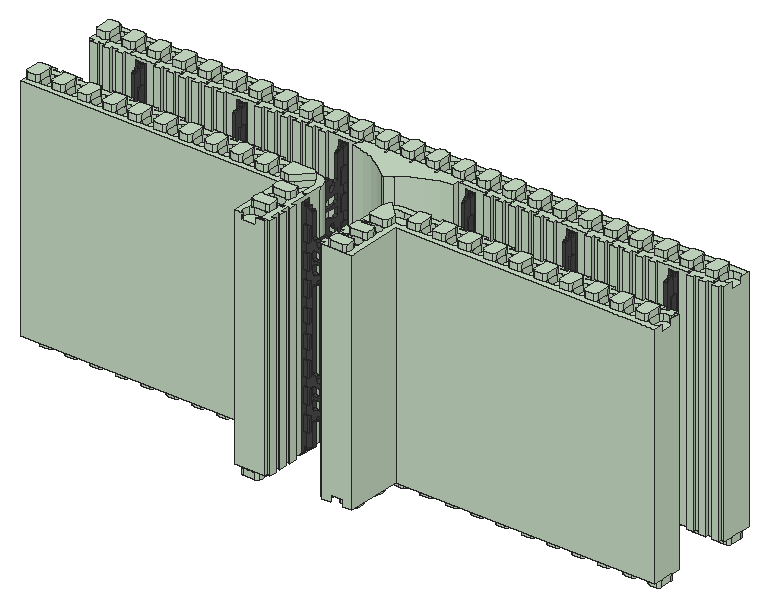
Revit family "ICF- NUDURA 4-inch- Short T Form Unit- Imperial", category Generic Models, Revit 2011
Reference planes (in)
  plane 1 "Center (Front/Back)": y = -1
  plane 2: z = 0
  plane 3 "Center (Left/Right)": x = 0
  plane 4: y = 1
  plane 5: y = -3
  plane 6: x = 2
  plane 7: x = -2
  plane 8: z = 18
Forms (in)
  Extrusion 1, solid, material "NUDURA Expanded Polystyrene Foam Insulation"
    sketch origin (0, 0, 0) x (1, 0, 0) y (0, 1, 0)
      loop
        arc (-2.25, -4.49998) -> (-2.61612, -3.6161) -> (-3.5, -3.24998) r 1.25
        line (-3.5, -3.24998) -> (-6.28117, -3.24998) -> (-6.21883, -2.99998) -> (-6.78117, -2.99998) -> (-6.71883, -3.24998) -> (-7.28117, -3.24998) -> (-7.21883, -2.99998) -> (-7.78117, -2.99998) -> (-7.71883, -3.24998) -> (-8.28117, -3.24998) -> (-8.21883, -2.99998) -> (-8.78117, -2.99998) -> (-8.71883, -3.24998) -> (-9.28117, -3.24998) -> (-9.21883, -2.99998) -> (-9.78117, -2.99998) -> (-9.71883, -3.24998) -> (-10.2818, -3.24998) -> (-10.21947, -2.99998) -> (-10.7818, -2.99998) -> (-10.71947, -3.24998) -> (-11.2818, -3.24998) -> (-11.21947, -2.99998) -> (-11.7818, -2.99998) -> (-11.71947, -3.24998) -> (-14.28116, -3.24998) -> (-14.21883, -2.99998) -> (-14.78116, -2.99998) -> (-14.71883, -3.24998) -> (-15.28116, -3.24998) -> (-15.21883, -2.99998) -> (-15.78116, -2.99998) -> (-15.71883, -3.24998) -> (-16.28116, -3.24998) -> (-16.21883, -2.99998) -> (-16.78116, -2.99998) -> (-16.71883, -3.24998) -> (-17.28179, -3.24998) -> (-17.21946, -2.99998) -> (-17.78179, -2.99998) -> (-17.71946, -3.24998) -> (-18.28179, -3.24998) -> (-18.21946, -2.99998) -> (-18.78179, -2.99998) -> (-18.71946, -3.24998) -> (-19.28179, -3.24998) -> (-19.21946, -2.99998) -> (-19.78179, -2.99998) -> (-19.71946, -3.24998) -> (-22.28115, -3.24998) -> (-22.21882, -2.99998) -> (-22.78115, -2.99998) -> (-22.71882, -3.24998) -> (-23.28115, -3.24998) -> (-23.21882, -2.99998) -> (-23.78115, -2.99998) -> (-23.71882, -3.24998) -> (-24.28115, -3.24998) -> (-24.21882, -2.99998) -> (-24.78115, -2.99998) -> (-24.71882, -3.24998) -> (-25, -3.24998) -> (-25, -5.62244) -> (-4.625, -5.62244) -> (-4.625, -9.99744) -> (-2.25, -9.99744) -> (-2.25, -9.71882) -> (-2, -9.78115) -> (-2, -9.21882) -> (-2.25, -9.28115) -> (-2.25, -8.71882) -> (-2, -8.78115) -> (-2, -8.21882) -> (-2.25, -8.28115) -> (-2.25, -7.71882) -> (-2, -7.78115) -> (-2, -7.21882) -> (-2.25, -7.28115) -> (-2.25, -4.49998)
      loop
        line (4, 0.875) -> (4, 1.25) -> (6.28117, 1.25) -> (6.21883, 1) -> (6.78117, 1) -> (6.71883, 1.25) -> (7.28117, 1.25) -> (7.21883, 1) -> (7.78117, 1) -> (7.71883, 1.25) -> (8.28117, 1.25) -> (8.21883, 1) -> (8.78117, 1) -> (8.71883, 1.25) -> (9.28053, 1.25) -> (9.2182, 1) -> (9.78053, 1) -> (9.7182, 1.25) -> (10.28053, 1.25) -> (10.2182, 1) -> (10.78053, 1) -> (10.7182, 1.25) -> (11.28053, 1.25) -> (11.2182, 1) -> (11.78053, 1) -> (11.7182, 1.25) -> (14.28116, 1.25) -> (14.21883, 1) -> (14.78116, 1) -> (14.71883, 1.25) -> (15.28116, 1.25) -> (15.21883, 1) -> (15.78116, 1) -> (15.71883, 1.25) -> (16.28116, 1.25) -> (16.21883, 1) -> (16.78116, 1) -> (16.71883, 1.25) -> (17.28053, 1.25) -> (17.21819, 1) -> (17.78053, 1) -> (17.71819, 1.25) -> (18.28053, 1.25) -> (18.21819, 1) -> (18.78053, 1) -> (18.71819, 1.25) -> (19.28053, 1.25) -> (19.21819, 1) -> (19.78053, 1) -> (19.71819, 1.25) -> (22.28115, 1.25) -> (22.21882, 1) -> (22.78115, 1) -> (22.71882, 1.25) -> (23.28115, 1.25) -> (23.21882, 1) -> (23.78115, 1) -> (23.71882, 1.25) -> (24.28115, 1.25) -> (24.21882, 1) -> (24.78115, 1) -> (24.71882, 1.25) -> (25, 1.25) -> (25, 3.62754) -> (-25, 3.62754) -> (-25, 1.25) -> (-24.71882, 1.25) -> (-24.78115, 1) -> (-24.21882, 1) -> (-24.28115, 1.25) -> (-23.71882, 1.25) -> (-23.78115, 1) -> (-23.21882, 1) -> (-23.28115, 1.25) -> (-22.71882, 1.25) -> (-22.78115, 1) -> (-22.21882, 1) -> (-22.28115, 1.25) -> (-19.71819, 1.25) -> (-19.78053, 1) -> (-19.21819, 1) -> (-19.28053, 1.25) -> (-18.71819, 1.25) -> (-18.78053, 1) -> (-18.21819, 1) -> (-18.28053, 1.25) -> (-17.71819, 1.25) -> (-17.78053, 1) -> (-17.21819, 1) -> (-17.28053, 1.25) -> (-16.71883, 1.25) -> (-16.78116, 1) -> (-16.21883, 1) -> (-16.28116, 1.25) -> (-15.71883, 1.25) -> (-15.78116, 1) -> (-15.21883, 1) -> (-15.28116, 1.25) -> (-14.71883, 1.25) -> (-14.78116, 1) -> (-14.21883, 1) -> (-14.28116, 1.25) -> (-11.7182, 1.25) -> (-11.78053, 1) -> (-11.2182, 1) -> (-11.28053, 1.25) -> (-10.7182, 1.25) -> (-10.78053, 1) -> (-10.2182, 1) -> (-10.28053, 1.25) -> (-9.7182, 1.25) -> (-9.78053, 1) -> (-9.2182, 1) -> (-9.28053, 1.25) -> (-8.71883, 1.25) -> (-8.78117, 1) -> (-8.21883, 1) -> (-8.28117, 1.25) -> (-7.71883, 1.25) -> (-7.78117, 1) -> (-7.21883, 1) -> (-7.28117, 1.25) -> (-6.71883, 1.25) -> (-6.78117, 1) -> (-6.21883, 1) -> (-6.28117, 1.25) -> (-4, 1.25) -> (-4, 0.875)
        arc (-4, 0.875) -> (-2.12304, 0.37468) -> (-0.50918, -0.70642) r 5.91797
        arc (-0.50918, -0.70642) -> (-0.26811, -0.90043) -> (0, -1.05493) r 2
        arc (0, -1.05493) -> (0.26811, -0.90043) -> (0.50918, -0.70642) r 2
        arc (0.50918, -0.70642) -> (2.12304, 0.37468) -> (4, 0.875) r 5.91797
      loop
        line (2.25, -4.49998) -> (2.25, -7.28115) -> (2, -7.21882) -> (2, -7.78115) -> (2.25, -7.71882) -> (2.25, -8.28115) -> (2, -8.21882) -> (2, -8.78115) -> (2.25, -8.71882) -> (2.25, -9.28115) -> (2, -9.21882) -> (2, -9.78115) -> (2.25, -9.71882) -> (2.25, -9.99998) -> (4.625, -9.99998) -> (4.625, -5.62244) -> (25, -5.62244) -> (25, -3.24998) -> (24.71882, -3.24998) -> (24.78115, -2.99998) -> (24.21882, -2.99998) -> (24.28115, -3.24998) -> (23.71882, -3.24998) -> (23.78115, -2.99998) -> (23.21882, -2.99998) -> (23.28115, -3.24998) -> (22.71882, -3.24998) -> (22.78115, -2.99998) -> (22.21882, -2.99998) -> (22.28115, -3.24998) -> (19.71946, -3.24998) -> (19.78179, -2.99998) -> (19.21946, -2.99998) -> (19.28179, -3.24998) -> (18.71946, -3.24998) -> (18.78179, -2.99998) -> (18.21946, -2.99998) -> (18.28179, -3.24998) -> (17.71946, -3.24998) -> (17.78179, -2.99998) -> (17.21946, -2.99998) -> (17.28179, -3.24998) -> (16.71883, -3.24998) -> (16.78116, -2.99998) -> (16.21883, -2.99998) -> (16.28116, -3.24998) -> (15.71883, -3.24998) -> (15.78116, -2.99998) -> (15.21883, -2.99998) -> (15.28116, -3.24998) -> (14.71883, -3.24998) -> (14.78116, -2.99998) -> (14.21883, -2.99998) -> (14.28116, -3.24998) -> (11.71947, -3.24998) -> (11.7818, -2.99998) -> (11.21947, -2.99998) -> (11.2818, -3.24998) -> (10.71947, -3.24998) -> (10.7818, -2.99998) -> (10.21947, -2.99998) -> (10.2818, -3.24998) -> (9.71947, -3.24998) -> (9.7818, -2.99998) -> (9.21947, -2.99998) -> (9.2818, -3.24998) -> (8.71883, -3.24998) -> (8.78117, -2.99998) -> (8.21883, -2.99998) -> (8.28117, -3.24998) -> (7.71883, -3.24998) -> (7.78117, -2.99998) -> (7.21883, -2.99998) -> (7.28117, -3.24998) -> (6.71883, -3.24998) -> (6.78117, -2.99998) -> (6.21883, -2.99998) -> (6.28117, -3.24998) -> (3.5, -3.24998)
        arc (3.5, -3.24998) -> (2.61612, -3.6161) -> (2.25, -4.49998) r 1.25
    from 0 to 18
  Extrusion 2, void
    sketch origin (1, 16, 0) x (1, 0, 0) y (0, 1, 0)
      loop
        arc (-5.13595, -25.17306) -> (-5.1875, -25.49998) -> (-5.13595, -25.8269) r 1.0625
        arc (-5.13595, -25.8269) -> (-5.0592, -25.94114) -> (-4.93362, -25.99744) r 0.25
        line (-4.93362, -25.99744) -> (-3.94138, -25.99744)
        arc (-3.94138, -25.99744) -> (-3.86932, -25.97564) -> (-3.80702, -25.93338) r 0.25
        arc (-3.80702, -25.93338) -> (-3.78736, -25.92104) -> (-3.76455, -25.91673) r 0.0625
        line (-3.76455, -25.91673) -> (-3.41845, -25.91673) -> (-3.41845, -25.7459) -> (-3.64005, -25.7459)
        arc (-3.64005, -25.7459) -> (-3.68771, -25.72383) -> (-3.70172, -25.67321) r 0.0625
        arc (-3.70172, -25.67321) -> (-3.69045, -25.4209) -> (-3.73905, -25.17306) r 1.0625
        arc (-3.73905, -25.17306) -> (-3.82983, -25.04783) -> (-3.97692, -24.99998) r 0.25
        line (-3.97692, -24.99998) -> (-4.89808, -24.99998)
        arc (-4.89808, -24.99998) -> (-5.04517, -25.04783) -> (-5.13595, -25.17306) r 0.25
    from 18 to 17.5
  Extrusion 3, void
    sketch origin (1, 18, 0) x (1, 0, 0) y (0, 1, 0)
      loop
        arc (-5.13595, -25.17306) -> (-5.1875, -25.49998) -> (-5.13595, -25.8269) r 1.0625
        arc (-5.13595, -25.8269) -> (-5.04517, -25.95213) -> (-4.89808, -25.99998) r 0.25
        line (-4.89808, -25.99998) -> (-3.97692, -25.99998)
        arc (-3.97692, -25.99998) -> (-3.88568, -25.98274) -> (-3.80702, -25.93338) r 0.25
        arc (-3.80702, -25.93338) -> (-3.78736, -25.92104) -> (-3.76455, -25.91673) r 0.0625
        line (-3.76455, -25.91673) -> (-3.41845, -25.91673) -> (-3.41845, -25.7459) -> (-3.64005, -25.7459)
        arc (-3.64005, -25.7459) -> (-3.68771, -25.72383) -> (-3.70172, -25.67321) r 0.0625
        arc (-3.70172, -25.67321) -> (-3.69045, -25.4209) -> (-3.73905, -25.17306) r 1.0625
        arc (-3.73905, -25.17306) -> (-3.82983, -25.04783) -> (-3.97692, -24.99998) r 0.25
        line (-3.97692, -24.99998) -> (-4.89808, -24.99998)
        arc (-4.89808, -24.99998) -> (-5.04517, -25.04783) -> (-5.13595, -25.17306) r 0.25
    from 18 to 17.5
  Extrusion 4, void
    sketch origin (1, 0, 0) x (1, 0, 0) y (0, 1, 0)
      loop
        line (-5.1875, -5.18748) -> (-5.1875, -5.49998)
        arc (-5.1875, -5.49998) -> (-5.17453, -5.66546) -> (-5.13595, -5.8269) r 1.0625
        arc (-5.13595, -5.8269) -> (-5.04517, -5.95213) -> (-4.89808, -5.99998) r 0.25
        line (-4.89808, -5.99998) -> (-3.97692, -5.99998)
        arc (-3.97692, -5.99998) -> (-3.88568, -5.98274) -> (-3.80702, -5.93338) r 0.25
        arc (-3.80702, -5.93338) -> (-3.78736, -5.92104) -> (-3.76455, -5.91673) r 0.0625
        line (-3.76455, -5.91673) -> (-3.41845, -5.91673) -> (-3.41845, -5.7459) -> (-3.64005, -5.7459)
        arc (-3.64005, -5.7459) -> (-3.68771, -5.72383) -> (-3.70172, -5.67321) r 0.0625
        arc (-3.70172, -5.67321) -> (-3.69106, -5.58689) -> (-3.6875, -5.49998) r 1.0625
        line (-3.6875, -5.49998) -> (-3.6875, -4.68748)
        arc (-3.6875, -4.68748) -> (-3.76362, -4.3048) -> (-3.98039, -3.98037) r 1
        line (-3.98039, -3.98037) -> (-5.1875, -5.18748)
    from 18 to 17.5
  Extrusion 5, void
    sketch origin (-30.99998, 0.00002, 0) x (0, 1, 0) y (-1, 0, 0)
      loop
        arc (-5.13595, -25.17306) -> (-5.1875, -25.49998) -> (-5.13595, -25.8269) r 1.0625
        arc (-5.13595, -25.8269) -> (-5.04517, -25.95213) -> (-4.89808, -25.99998) r 0.25
        line (-4.89808, -25.99998) -> (-3.97692, -25.99998)
        arc (-3.97692, -25.99998) -> (-3.88568, -25.98274) -> (-3.80702, -25.93338) r 0.25
        arc (-3.80702, -25.93338) -> (-3.78736, -25.92104) -> (-3.76455, -25.91673) r 0.0625
        line (-3.76455, -25.91673) -> (-3.41845, -25.91673) -> (-3.41845, -25.7459) -> (-3.64005, -25.7459)
        arc (-3.64005, -25.7459) -> (-3.68771, -25.72383) -> (-3.70172, -25.67321) r 0.0625
        arc (-3.70172, -25.67321) -> (-3.69045, -25.4209) -> (-3.73905, -25.17306) r 1.0625
        arc (-3.73905, -25.17306) -> (-3.82983, -25.04783) -> (-3.97692, -24.99998) r 0.25
        line (-3.97692, -24.99998) -> (-4.89808, -24.99998)
        arc (-4.89808, -24.99998) -> (-5.04517, -25.04783) -> (-5.13595, -25.17306) r 0.25
    from 18 to 17.5
  Extrusion 6, void
    sketch origin (-32.99998, 0.00002, 0) x (0, 1, 0) y (-1, 0, 0)
      loop
        arc (-5.13595, -25.17306) -> (-5.1875, -25.49998) -> (-5.13595, -25.8269) r 1.0625
        arc (-5.13595, -25.8269) -> (-5.04517, -25.95213) -> (-4.89808, -25.99998) r 0.25
        line (-4.89808, -25.99998) -> (-3.97692, -25.99998)
        arc (-3.97692, -25.99998) -> (-3.88568, -25.98274) -> (-3.80702, -25.93338) r 0.25
        arc (-3.80702, -25.93338) -> (-3.78736, -25.92104) -> (-3.76455, -25.91673) r 0.0625
        line (-3.76455, -25.91673) -> (-3.41845, -25.91673) -> (-3.41845, -25.7459) -> (-3.64005, -25.7459)
        arc (-3.64005, -25.7459) -> (-3.68771, -25.72383) -> (-3.70172, -25.67321) r 0.0625
        arc (-3.70172, -25.67321) -> (-3.69045, -25.4209) -> (-3.73905, -25.17306) r 1.0625
        arc (-3.73905, -25.17306) -> (-3.82983, -25.04783) -> (-3.97692, -24.99998) r 0.25
        line (-3.97692, -24.99998) -> (-4.89808, -24.99998)
        arc (-4.89808, -24.99998) -> (-5.04517, -25.04783) -> (-5.13595, -25.17306) r 0.25
    from 18 to 17.5
  Extrusion 7, void
    sketch origin (1, -33.99996, 0) x (1, 0, 0) y (0, 1, 0)
      loop
        arc (-5.13595, 25.17306) -> (-5.04517, 25.04783) -> (-4.89808, 24.99998) r 0.25
        line (-4.89808, 24.99998) -> (-3.97692, 24.99998)
        arc (-3.97692, 24.99998) -> (-3.82983, 25.04783) -> (-3.73905, 25.17306) r 0.25
        arc (-3.73905, 25.17306) -> (-3.69045, 25.4209) -> (-3.70172, 25.67321) r 1.0625
        arc (-3.70172, 25.67321) -> (-3.68771, 25.72383) -> (-3.64005, 25.7459) r 0.0625
        line (-3.64005, 25.7459) -> (-3.41845, 25.7459) -> (-3.41845, 25.91673) -> (-3.76455, 25.91673)
        arc (-3.76455, 25.91673) -> (-3.78736, 25.92104) -> (-3.80702, 25.93338) r 0.0625
        arc (-3.80702, 25.93338) -> (-3.88568, 25.98274) -> (-3.97692, 25.99998) r 0.25
        line (-3.97692, 25.99998) -> (-4.89808, 25.99998)
        arc (-4.89808, 25.99998) -> (-5.04517, 25.95213) -> (-5.13595, 25.8269) r 0.25
        arc (-5.13595, 25.8269) -> (-5.1875, 25.49998) -> (-5.13595, 25.17306) r 1.0625
    from 0 to 0.5
  Extrusion 8, void
    sketch origin (1, -31.99996, 0) x (1, 0, 0) y (0, 1, 0)
      loop
        arc (-5.13595, 25.17306) -> (-5.04517, 25.04783) -> (-4.89808, 24.99998) r 0.25
        line (-4.89808, 24.99998) -> (-3.97692, 24.99998)
        arc (-3.97692, 24.99998) -> (-3.82983, 25.04783) -> (-3.73905, 25.17306) r 0.25
        arc (-3.73905, 25.17306) -> (-3.69045, 25.4209) -> (-3.70172, 25.67321) r 1.0625
        arc (-3.70172, 25.67321) -> (-3.68771, 25.72383) -> (-3.64005, 25.7459) r 0.0625
        line (-3.64005, 25.7459) -> (-3.41845, 25.7459) -> (-3.41845, 25.91673) -> (-3.76455, 25.91673)
        arc (-3.76455, 25.91673) -> (-3.78736, 25.92104) -> (-3.80702, 25.93338) r 0.0625
        arc (-3.80702, 25.93338) -> (-3.88568, 25.98274) -> (-3.97692, 25.99998) r 0.25
        line (-3.97692, 25.99998) -> (-4.89808, 25.99998)
        arc (-4.89808, 25.99998) -> (-5.04517, 25.95213) -> (-5.13595, 25.8269) r 0.25
        arc (-5.13595, 25.8269) -> (-5.1875, 25.49998) -> (-5.13595, 25.17306) r 1.0625
    from 0 to 0.5
  Extrusion 9, void
    sketch origin (0.99998, 0.00002, 0) x (0, 1, 0) y (-1, 0, 0)
      loop
        line (-5.1875, 5.18748) -> (-3.98039, 3.98037)
        arc (-3.98039, 3.98037) -> (-3.76362, 4.3048) -> (-3.6875, 4.68748) r 1
        line (-3.6875, 4.68748) -> (-3.6875, 5.49998)
        arc (-3.6875, 5.49998) -> (-3.69106, 5.58689) -> (-3.70172, 5.67321) r 1.0625
        arc (-3.70172, 5.67321) -> (-3.68771, 5.72383) -> (-3.64005, 5.7459) r 0.0625
        line (-3.64005, 5.7459) -> (-3.41845, 5.7459) -> (-3.41845, 5.91673) -> (-3.76455, 5.91673)
        arc (-3.76455, 5.91673) -> (-3.78736, 5.92104) -> (-3.80702, 5.93338) r 0.0625
        arc (-3.80702, 5.93338) -> (-3.88568, 5.98274) -> (-3.97692, 5.99998) r 0.25
        line (-3.97692, 5.99998) -> (-4.89808, 5.99998)
        arc (-4.89808, 5.99998) -> (-5.04517, 5.95213) -> (-5.13595, 5.8269) r 0.25
        arc (-5.13595, 5.8269) -> (-5.17453, 5.66546) -> (-5.1875, 5.49998) r 1.0625
        line (-5.1875, 5.49998) -> (-5.1875, 5.18748)
    from 0 to 0.5
  Extrusion 10, void
    sketch origin (18.99998, 0.00002, 0) x (0, 1, 0) y (-1, 0, 0)
      loop
        arc (-5.13595, 25.17306) -> (-5.04517, 25.04783) -> (-4.89808, 24.99998) r 0.25
        line (-4.89808, 24.99998) -> (-3.97692, 24.99998)
        arc (-3.97692, 24.99998) -> (-3.82983, 25.04783) -> (-3.73905, 25.17306) r 0.25
        arc (-3.73905, 25.17306) -> (-3.69045, 25.4209) -> (-3.70172, 25.67321) r 1.0625
        arc (-3.70172, 25.67321) -> (-3.68771, 25.72383) -> (-3.64005, 25.7459) r 0.0625
        line (-3.64005, 25.7459) -> (-3.41845, 25.7459) -> (-3.41845, 25.91673) -> (-3.76455, 25.91673)
        arc (-3.76455, 25.91673) -> (-3.78736, 25.92104) -> (-3.80702, 25.93338) r 0.0625
        arc (-3.80702, 25.93338) -> (-3.88568, 25.98274) -> (-3.97692, 25.99998) r 0.25
        line (-3.97692, 25.99998) -> (-4.89808, 25.99998)
        arc (-4.89808, 25.99998) -> (-5.04517, 25.95213) -> (-5.13595, 25.8269) r 0.25
        arc (-5.13595, 25.8269) -> (-5.1875, 25.49998) -> (-5.13595, 25.17306) r 1.0625
    from 0 to 0.5
  Extrusion 11, void
    sketch origin (16.99998, 0.00002, 0) x (0, 1, 0) y (-1, 0, 0)
      loop
        arc (-5.13595, 25.17306) -> (-5.04517, 25.04783) -> (-4.89808, 24.99998) r 0.25
        line (-4.89808, 24.99998) -> (-3.97692, 24.99998)
        arc (-3.97692, 24.99998) -> (-3.82983, 25.04783) -> (-3.73905, 25.17306) r 0.25
        arc (-3.73905, 25.17306) -> (-3.69045, 25.4209) -> (-3.70172, 25.67321) r 1.0625
        arc (-3.70172, 25.67321) -> (-3.68771, 25.72383) -> (-3.64005, 25.7459) r 0.0625
        line (-3.64005, 25.7459) -> (-3.41845, 25.7459) -> (-3.41845, 25.91673) -> (-3.76455, 25.91673)
        arc (-3.76455, 25.91673) -> (-3.78736, 25.92104) -> (-3.80702, 25.93338) r 0.0625
        arc (-3.80702, 25.93338) -> (-3.88568, 25.98274) -> (-3.97692, 25.99998) r 0.25
        line (-3.97692, 25.99998) -> (-4.89808, 25.99998)
        arc (-4.89808, 25.99998) -> (-5.04517, 25.95213) -> (-5.13595, 25.8269) r 0.25
        arc (-5.13595, 25.8269) -> (-5.1875, 25.49998) -> (-5.13595, 25.17306) r 1.0625
    from 0 to 0.5
  Extrusion 12, void
    sketch origin (-1, -33.99996, 0) x (-1, 0, 0) y (0, -1, 0)
      loop
        arc (-5.13595, -25.17306) -> (-5.1875, -25.49998) -> (-5.13595, -25.8269) r 1.0625
        arc (-5.13595, -25.8269) -> (-5.04517, -25.95213) -> (-4.89808, -25.99998) r 0.25
        line (-4.89808, -25.99998) -> (-3.97692, -25.99998)
        arc (-3.97692, -25.99998) -> (-3.88568, -25.98274) -> (-3.80702, -25.93338) r 0.25
        arc (-3.80702, -25.93338) -> (-3.78736, -25.92104) -> (-3.76455, -25.91673) r 0.0625
        line (-3.76455, -25.91673) -> (-3.41845, -25.91673) -> (-3.41845, -25.7459) -> (-3.64005, -25.7459)
        arc (-3.64005, -25.7459) -> (-3.68771, -25.72383) -> (-3.70172, -25.67321) r 0.0625
        arc (-3.70172, -25.67321) -> (-3.69045, -25.4209) -> (-3.73905, -25.17306) r 1.0625
        arc (-3.73905, -25.17306) -> (-3.82983, -25.04783) -> (-3.97692, -24.99998) r 0.25
        line (-3.97692, -24.99998) -> (-4.89808, -24.99998)
        arc (-4.89808, -24.99998) -> (-5.04517, -25.04783) -> (-5.13595, -25.17306) r 0.25
    from 18 to 17.5
  Extrusion 13, void
    sketch origin (-1, -31.99996, 0) x (-1, 0, 0) y (0, -1, 0)
      loop
        arc (-5.13595, -25.17306) -> (-5.1875, -25.49998) -> (-5.13595, -25.8269) r 1.0625
        arc (-5.13595, -25.8269) -> (-5.04517, -25.95213) -> (-4.89808, -25.99998) r 0.25
        line (-4.89808, -25.99998) -> (-3.97692, -25.99998)
        arc (-3.97692, -25.99998) -> (-3.88568, -25.98274) -> (-3.80702, -25.93338) r 0.25
        arc (-3.80702, -25.93338) -> (-3.78736, -25.92104) -> (-3.76455, -25.91673) r 0.0625
        line (-3.76455, -25.91673) -> (-3.41845, -25.91673) -> (-3.41845, -25.7459) -> (-3.64005, -25.7459)
        arc (-3.64005, -25.7459) -> (-3.68771, -25.72383) -> (-3.70172, -25.67321) r 0.0625
        arc (-3.70172, -25.67321) -> (-3.69045, -25.4209) -> (-3.73905, -25.17306) r 1.0625
        arc (-3.73905, -25.17306) -> (-3.82983, -25.04783) -> (-3.97692, -24.99998) r 0.25
        line (-3.97692, -24.99998) -> (-4.89808, -24.99998)
        arc (-4.89808, -24.99998) -> (-5.04517, -25.04783) -> (-5.13595, -25.17306) r 0.25
    from 18 to 17.5
  Extrusion 14, void
    sketch origin (-18.99998, 0.00002, 0) x (0, 1, 0) y (-1, 0, 0)
      loop
        arc (-5.13595, -25.17306) -> (-5.1875, -25.49998) -> (-5.13595, -25.8269) r 1.0625
        arc (-5.13595, -25.8269) -> (-5.04517, -25.95213) -> (-4.89808, -25.99998) r 0.25
        line (-4.89808, -25.99998) -> (-3.97692, -25.99998)
        arc (-3.97692, -25.99998) -> (-3.88568, -25.98274) -> (-3.80702, -25.93338) r 0.25
        arc (-3.80702, -25.93338) -> (-3.78736, -25.92104) -> (-3.76455, -25.91673) r 0.0625
        line (-3.76455, -25.91673) -> (-3.41845, -25.91673) -> (-3.41845, -25.7459) -> (-3.64005, -25.7459)
        arc (-3.64005, -25.7459) -> (-3.68771, -25.72383) -> (-3.70172, -25.67321) r 0.0625
        arc (-3.70172, -25.67321) -> (-3.69045, -25.4209) -> (-3.73905, -25.17306) r 1.0625
        arc (-3.73905, -25.17306) -> (-3.82983, -25.04783) -> (-3.97692, -24.99998) r 0.25
        line (-3.97692, -24.99998) -> (-4.89808, -24.99998)
        arc (-4.89808, -24.99998) -> (-5.04517, -25.04783) -> (-5.13595, -25.17306) r 0.25
    from 18 to 17.5
  Extrusion 15, void
    sketch origin (-16.99998, 0.00002, 0) x (0, 1, 0) y (-1, 0, 0)
      loop
        arc (-5.13595, -25.17306) -> (-5.1875, -25.49998) -> (-5.13595, -25.8269) r 1.0625
        arc (-5.13595, -25.8269) -> (-5.04517, -25.95213) -> (-4.89808, -25.99998) r 0.25
        line (-4.89808, -25.99998) -> (-3.97692, -25.99998)
        arc (-3.97692, -25.99998) -> (-3.88568, -25.98274) -> (-3.80702, -25.93338) r 0.25
        arc (-3.80702, -25.93338) -> (-3.78736, -25.92104) -> (-3.76455, -25.91673) r 0.0625
        line (-3.76455, -25.91673) -> (-3.41845, -25.91673) -> (-3.41845, -25.7459) -> (-3.64005, -25.7459)
        arc (-3.64005, -25.7459) -> (-3.68771, -25.72383) -> (-3.70172, -25.67321) r 0.0625
        arc (-3.70172, -25.67321) -> (-3.69045, -25.4209) -> (-3.73905, -25.17306) r 1.0625
        arc (-3.73905, -25.17306) -> (-3.82983, -25.04783) -> (-3.97692, -24.99998) r 0.25
        line (-3.97692, -24.99998) -> (-4.89808, -24.99998)
        arc (-4.89808, -24.99998) -> (-5.04517, -25.04783) -> (-5.13595, -25.17306) r 0.25
    from 18 to 17.5
  Extrusion 16, void
    sketch origin (-1, 0, 0) x (1, 0, 0) y (0, 1, 0)
      loop
        arc (5.67323, -3.7017) -> (5.58691, -3.69104) -> (5.5, -3.68748) r 1.0625
        line (5.5, -3.68748) -> (4.6875, -3.68748)
        arc (4.6875, -3.68748) -> (4.30482, -3.7636) -> (3.98039, -3.98037) r 1
        line (3.98039, -3.98037) -> (5.1875, -5.18748) -> (5.5, -5.18748)
        arc (5.5, -5.18748) -> (5.66548, -5.17452) -> (5.82692, -5.13593) r 1.0625
        arc (5.82692, -5.13593) -> (5.95215, -5.04515) -> (6, -4.89806) r 0.25
        line (6, -4.89806) -> (6, -3.9769)
        arc (6, -3.9769) -> (5.98276, -3.88566) -> (5.9334, -3.807) r 0.25
        arc (5.9334, -3.807) -> (5.92106, -3.78734) -> (5.91675, -3.76453) r 0.0625
        line (5.91675, -3.76453) -> (5.91675, -3.41844) -> (5.74592, -3.41844) -> (5.74592, -3.64003)
        arc (5.74592, -3.64003) -> (5.72385, -3.68769) -> (5.67323, -3.7017) r 0.0625
    from 18 to 17.5
  Extrusion 17, void
    sketch origin (-1, 16, 0) x (-1, 0, 0) y (0, -1, 0)
      loop
        arc (-5.13595, 25.17306) -> (-5.04517, 25.04783) -> (-4.89808, 24.99998) r 0.25
        line (-4.89808, 24.99998) -> (-3.97692, 24.99998)
        arc (-3.97692, 24.99998) -> (-3.82983, 25.04783) -> (-3.73905, 25.17306) r 0.25
        arc (-3.73905, 25.17306) -> (-3.69045, 25.4209) -> (-3.70172, 25.67321) r 1.0625
        arc (-3.70172, 25.67321) -> (-3.68771, 25.72383) -> (-3.64005, 25.7459) r 0.0625
        line (-3.64005, 25.7459) -> (-3.41845, 25.7459) -> (-3.41845, 25.91673) -> (-3.76455, 25.91673)
        arc (-3.76455, 25.91673) -> (-3.78736, 25.92104) -> (-3.80702, 25.93338) r 0.0625
        arc (-3.80702, 25.93338) -> (-3.88568, 25.98274) -> (-3.97692, 25.99998) r 0.25
        line (-3.97692, 25.99998) -> (-4.89808, 25.99998)
        arc (-4.89808, 25.99998) -> (-5.04517, 25.95213) -> (-5.13595, 25.8269) r 0.25
        arc (-5.13595, 25.8269) -> (-5.1875, 25.49998) -> (-5.13595, 25.17306) r 1.0625
    from 0 to 0.5
  Extrusion 18, void
    sketch origin (-1, 18, 0) x (-1, 0, 0) y (0, -1, 0)
      loop
        arc (-5.13595, 25.17306) -> (-5.04517, 25.04783) -> (-4.89808, 24.99998) r 0.25
        line (-4.89808, 24.99998) -> (-3.97692, 24.99998)
        arc (-3.97692, 24.99998) -> (-3.82983, 25.04783) -> (-3.73905, 25.17306) r 0.25
        arc (-3.73905, 25.17306) -> (-3.69045, 25.4209) -> (-3.70172, 25.67321) r 1.0625
        arc (-3.70172, 25.67321) -> (-3.68771, 25.72383) -> (-3.64005, 25.7459) r 0.0625
        line (-3.64005, 25.7459) -> (-3.41845, 25.7459) -> (-3.41845, 25.91673) -> (-3.76455, 25.91673)
        arc (-3.76455, 25.91673) -> (-3.78736, 25.92104) -> (-3.80702, 25.93338) r 0.0625
        arc (-3.80702, 25.93338) -> (-3.88568, 25.98274) -> (-3.97692, 25.99998) r 0.25
        line (-3.97692, 25.99998) -> (-4.89808, 25.99998)
        arc (-4.89808, 25.99998) -> (-5.04517, 25.95213) -> (-5.13595, 25.8269) r 0.25
        arc (-5.13595, 25.8269) -> (-5.1875, 25.49998) -> (-5.13595, 25.17306) r 1.0625
    from 0 to 0.5
  Extrusion 19, void
    sketch origin (-0.99998, 0.00002, 0) x (0, -1, 0) y (1, 0, 0)
      loop
        arc (5.67323, 3.7017) -> (5.72385, 3.68769) -> (5.74592, 3.64003) r 0.0625
        line (5.74592, 3.64003) -> (5.74592, 3.41844) -> (5.91675, 3.41844) -> (5.91675, 3.76453)
        arc (5.91675, 3.76453) -> (5.92106, 3.78734) -> (5.9334, 3.807) r 0.0625
        arc (5.9334, 3.807) -> (5.98276, 3.88566) -> (6, 3.9769) r 0.25
        line (6, 3.9769) -> (6, 4.89806)
        arc (6, 4.89806) -> (5.95215, 5.04515) -> (5.82692, 5.13593) r 0.25
        arc (5.82692, 5.13593) -> (5.66548, 5.17452) -> (5.5, 5.18748) r 1.0625
        line (5.5, 5.18748) -> (5.1875, 5.18748) -> (3.98039, 3.98037)
        arc (3.98039, 3.98037) -> (4.30482, 3.7636) -> (4.6875, 3.68748) r 1
        line (4.6875, 3.68748) -> (5.5, 3.68748)
        arc (5.5, 3.68748) -> (5.58691, 3.69104) -> (5.67323, 3.7017) r 1.0625
    from 0 to 0.5
  Extrusion 20, void
    sketch origin (30.99998, 0.00002, 0) x (0, 1, 0) y (-1, 0, 0)
      loop
        arc (-5.13595, 25.17306) -> (-5.04517, 25.04783) -> (-4.89808, 24.99998) r 0.25
        line (-4.89808, 24.99998) -> (-3.97692, 24.99998)
        arc (-3.97692, 24.99998) -> (-3.82983, 25.04783) -> (-3.73905, 25.17306) r 0.25
        arc (-3.73905, 25.17306) -> (-3.69045, 25.4209) -> (-3.70172, 25.67321) r 1.0625
        arc (-3.70172, 25.67321) -> (-3.68771, 25.72383) -> (-3.64005, 25.7459) r 0.0625
        line (-3.64005, 25.7459) -> (-3.41845, 25.7459) -> (-3.41845, 25.91673) -> (-3.76455, 25.91673)
        arc (-3.76455, 25.91673) -> (-3.78736, 25.92104) -> (-3.80702, 25.93338) r 0.0625
        arc (-3.80702, 25.93338) -> (-3.88568, 25.98274) -> (-3.97692, 25.99998) r 0.25
        line (-3.97692, 25.99998) -> (-4.89808, 25.99998)
        arc (-4.89808, 25.99998) -> (-5.04517, 25.95213) -> (-5.13595, 25.8269) r 0.25
        arc (-5.13595, 25.8269) -> (-5.1875, 25.49998) -> (-5.13595, 25.17306) r 1.0625
    from 0 to 0.5
  Extrusion 21, void
    sketch origin (32.99998, 0.00002, 0) x (0, 1, 0) y (-1, 0, 0)
      loop
        arc (-5.13595, 25.17306) -> (-5.04517, 25.04783) -> (-4.89808, 24.99998) r 0.25
        line (-4.89808, 24.99998) -> (-3.97692, 24.99998)
        arc (-3.97692, 24.99998) -> (-3.82983, 25.04783) -> (-3.73905, 25.17306) r 0.25
        arc (-3.73905, 25.17306) -> (-3.69045, 25.4209) -> (-3.70172, 25.67321) r 1.0625
        arc (-3.70172, 25.67321) -> (-3.68771, 25.72383) -> (-3.64005, 25.7459) r 0.0625
        line (-3.64005, 25.7459) -> (-3.41845, 25.7459) -> (-3.41845, 25.91673) -> (-3.76455, 25.91673)
        arc (-3.76455, 25.91673) -> (-3.78736, 25.92104) -> (-3.80702, 25.93338) r 0.0625
        arc (-3.80702, 25.93338) -> (-3.88568, 25.98274) -> (-3.97692, 25.99998) r 0.25
        line (-3.97692, 25.99998) -> (-4.89808, 25.99998)
        arc (-4.89808, 25.99998) -> (-5.04517, 25.95213) -> (-5.13595, 25.8269) r 0.25
        arc (-5.13595, 25.8269) -> (-5.1875, 25.49998) -> (-5.13595, 25.17306) r 1.0625
    from 0 to 0.5
  Extrusion 22, void
    sketch origin (15.99998, -2.00002, 0) x (0, -1, 0) y (1, 0, 0)
      loop
        arc (-5.13595, -25.17306) -> (-5.1875, -25.49998) -> (-5.13595, -25.8269) r 1.0625
        arc (-5.13595, -25.8269) -> (-5.04517, -25.95213) -> (-4.89808, -25.99998) r 0.25
        line (-4.89808, -25.99998) -> (-3.97692, -25.99998)
        arc (-3.97692, -25.99998) -> (-3.88568, -25.98274) -> (-3.80702, -25.93338) r 0.25
        arc (-3.80702, -25.93338) -> (-3.78736, -25.92104) -> (-3.76455, -25.91673) r 0.0625
        line (-3.76455, -25.91673) -> (-3.41845, -25.91673) -> (-3.41845, -25.7459) -> (-3.64005, -25.7459)
        arc (-3.64005, -25.7459) -> (-3.68771, -25.72383) -> (-3.70172, -25.67321) r 0.0625
        arc (-3.70172, -25.67321) -> (-3.69045, -25.4209) -> (-3.73905, -25.17306) r 1.0625
        arc (-3.73905, -25.17306) -> (-3.82983, -25.04783) -> (-3.97692, -24.99998) r 0.25
        line (-3.97692, -24.99998) -> (-4.89808, -24.99998)
        arc (-4.89808, -24.99998) -> (-5.04517, -25.04783) -> (-5.13595, -25.17306) r 0.25
    from 18 to 17.5
  Extrusion 23, void
    sketch origin (17.99998, -2.00002, 0) x (0, -1, 0) y (1, 0, 0)
      loop
        arc (-5.13595, -25.17306) -> (-5.1875, -25.49998) -> (-5.13595, -25.8269) r 1.0625
        arc (-5.13595, -25.8269) -> (-5.04517, -25.95213) -> (-4.89808, -25.99998) r 0.25
        line (-4.89808, -25.99998) -> (-3.97692, -25.99998)
        arc (-3.97692, -25.99998) -> (-3.88568, -25.98274) -> (-3.80702, -25.93338) r 0.25
        arc (-3.80702, -25.93338) -> (-3.78736, -25.92104) -> (-3.76455, -25.91673) r 0.0625
        line (-3.76455, -25.91673) -> (-3.41845, -25.91673) -> (-3.41845, -25.7459) -> (-3.64005, -25.7459)
        arc (-3.64005, -25.7459) -> (-3.68771, -25.72383) -> (-3.70172, -25.67321) r 0.0625
        arc (-3.70172, -25.67321) -> (-3.69045, -25.4209) -> (-3.73905, -25.17306) r 1.0625
        arc (-3.73905, -25.17306) -> (-3.82983, -25.04783) -> (-3.97692, -24.99998) r 0.25
        line (-3.97692, -24.99998) -> (-4.89808, -24.99998)
        arc (-4.89808, -24.99998) -> (-5.04517, -25.04783) -> (-5.13595, -25.17306) r 0.25
    from 18 to 17.5
  Extrusion 24, void
    sketch origin (19.99998, -2.00002, 0) x (0, -1, 0) y (1, 0, 0)
      loop
        arc (-5.13595, -25.17306) -> (-5.1875, -25.49998) -> (-5.13595, -25.8269) r 1.0625
        arc (-5.13595, -25.8269) -> (-5.04517, -25.95213) -> (-4.89808, -25.99998) r 0.25
        line (-4.89808, -25.99998) -> (-3.97692, -25.99998)
        arc (-3.97692, -25.99998) -> (-3.88568, -25.98274) -> (-3.80702, -25.93338) r 0.25
        arc (-3.80702, -25.93338) -> (-3.78736, -25.92104) -> (-3.76455, -25.91673) r 0.0625
        line (-3.76455, -25.91673) -> (-3.41845, -25.91673) -> (-3.41845, -25.7459) -> (-3.64005, -25.7459)
        arc (-3.64005, -25.7459) -> (-3.68771, -25.72383) -> (-3.70172, -25.67321) r 0.0625
        arc (-3.70172, -25.67321) -> (-3.69045, -25.4209) -> (-3.73905, -25.17306) r 1.0625
        arc (-3.73905, -25.17306) -> (-3.82983, -25.04783) -> (-3.97692, -24.99998) r 0.25
        line (-3.97692, -24.99998) -> (-4.89808, -24.99998)
        arc (-4.89808, -24.99998) -> (-5.04517, -25.04783) -> (-5.13595, -25.17306) r 0.25
    from 18 to 17.5
  Extrusion 25, void
    sketch origin (21.99998, -2.00002, 0) x (0, -1, 0) y (1, 0, 0)
      loop
        arc (-5.13595, -25.17306) -> (-5.1875, -25.49998) -> (-5.13595, -25.8269) r 1.0625
        arc (-5.13595, -25.8269) -> (-5.04517, -25.95213) -> (-4.89808, -25.99998) r 0.25
        line (-4.89808, -25.99998) -> (-3.97692, -25.99998)
        arc (-3.97692, -25.99998) -> (-3.88568, -25.98274) -> (-3.80702, -25.93338) r 0.25
        arc (-3.80702, -25.93338) -> (-3.78736, -25.92104) -> (-3.76455, -25.91673) r 0.0625
        line (-3.76455, -25.91673) -> (-3.41845, -25.91673) -> (-3.41845, -25.7459) -> (-3.64005, -25.7459)
        arc (-3.64005, -25.7459) -> (-3.68771, -25.72383) -> (-3.70172, -25.67321) r 0.0625
        arc (-3.70172, -25.67321) -> (-3.69045, -25.4209) -> (-3.73905, -25.17306) r 1.0625
        arc (-3.73905, -25.17306) -> (-3.82983, -25.04783) -> (-3.97692, -24.99998) r 0.25
        line (-3.97692, -24.99998) -> (-4.89808, -24.99998)
        arc (-4.89808, -24.99998) -> (-5.04517, -25.04783) -> (-5.13595, -25.17306) r 0.25
    from 18 to 17.5
  Extrusion 26, void
    sketch origin (23.99998, -2.00002, 0) x (0, -1, 0) y (1, 0, 0)
      loop
        arc (-5.13595, -25.17306) -> (-5.1875, -25.49998) -> (-5.13595, -25.8269) r 1.0625
        arc (-5.13595, -25.8269) -> (-5.04517, -25.95213) -> (-4.89808, -25.99998) r 0.25
        line (-4.89808, -25.99998) -> (-3.97692, -25.99998)
        arc (-3.97692, -25.99998) -> (-3.88568, -25.98274) -> (-3.80702, -25.93338) r 0.25
        arc (-3.80702, -25.93338) -> (-3.78736, -25.92104) -> (-3.76455, -25.91673) r 0.0625
        line (-3.76455, -25.91673) -> (-3.41845, -25.91673) -> (-3.41845, -25.7459) -> (-3.64005, -25.7459)
        arc (-3.64005, -25.7459) -> (-3.68771, -25.72383) -> (-3.70172, -25.67321) r 0.0625
        arc (-3.70172, -25.67321) -> (-3.69045, -25.4209) -> (-3.73905, -25.17306) r 1.0625
        arc (-3.73905, -25.17306) -> (-3.82983, -25.04783) -> (-3.97692, -24.99998) r 0.25
        line (-3.97692, -24.99998) -> (-4.89808, -24.99998)
        arc (-4.89808, -24.99998) -> (-5.04517, -25.04783) -> (-5.13595, -25.17306) r 0.25
    from 18 to 17.5
  Extrusion 27, void
    sketch origin (25.99998, -2.00002, 0) x (0, -1, 0) y (1, 0, 0)
      loop
        arc (-5.13595, -25.17306) -> (-5.1875, -25.49998) -> (-5.13595, -25.8269) r 1.0625
        arc (-5.13595, -25.8269) -> (-5.04517, -25.95213) -> (-4.89808, -25.99998) r 0.25
        line (-4.89808, -25.99998) -> (-3.97692, -25.99998)
        arc (-3.97692, -25.99998) -> (-3.88568, -25.98274) -> (-3.80702, -25.93338) r 0.25
        arc (-3.80702, -25.93338) -> (-3.78736, -25.92104) -> (-3.76455, -25.91673) r 0.0625
        line (-3.76455, -25.91673) -> (-3.41845, -25.91673) -> (-3.41845, -25.7459) -> (-3.64005, -25.7459)
        arc (-3.64005, -25.7459) -> (-3.68771, -25.72383) -> (-3.70172, -25.67321) r 0.0625
        arc (-3.70172, -25.67321) -> (-3.69045, -25.4209) -> (-3.73905, -25.17306) r 1.0625
        arc (-3.73905, -25.17306) -> (-3.82983, -25.04783) -> (-3.97692, -24.99998) r 0.25
        line (-3.97692, -24.99998) -> (-4.89808, -24.99998)
        arc (-4.89808, -24.99998) -> (-5.04517, -25.04783) -> (-5.13595, -25.17306) r 0.25
    from 18 to 17.5
  Extrusion 28, void
    sketch origin (27.99998, -2.00002, 0) x (0, -1, 0) y (1, 0, 0)
      loop
        arc (-5.13595, -25.17306) -> (-5.1875, -25.49998) -> (-5.13595, -25.8269) r 1.0625
        arc (-5.13595, -25.8269) -> (-5.04517, -25.95213) -> (-4.89808, -25.99998) r 0.25
        line (-4.89808, -25.99998) -> (-3.97692, -25.99998)
        arc (-3.97692, -25.99998) -> (-3.88568, -25.98274) -> (-3.80702, -25.93338) r 0.25
        arc (-3.80702, -25.93338) -> (-3.78736, -25.92104) -> (-3.76455, -25.91673) r 0.0625
        line (-3.76455, -25.91673) -> (-3.41845, -25.91673) -> (-3.41845, -25.7459) -> (-3.64005, -25.7459)
        arc (-3.64005, -25.7459) -> (-3.68771, -25.72383) -> (-3.70172, -25.67321) r 0.0625
        arc (-3.70172, -25.67321) -> (-3.69045, -25.4209) -> (-3.73905, -25.17306) r 1.0625
        arc (-3.73905, -25.17306) -> (-3.82983, -25.04783) -> (-3.97692, -24.99998) r 0.25
        line (-3.97692, -24.99998) -> (-4.89808, -24.99998)
        arc (-4.89808, -24.99998) -> (-5.04517, -25.04783) -> (-5.13595, -25.17306) r 0.25
    from 18 to 17.5
  Extrusion 29, void
    sketch origin (29.99998, -2.00002, 0) x (0, -1, 0) y (1, 0, 0)
      loop
        arc (-5.13595, -25.17306) -> (-5.1875, -25.49998) -> (-5.13595, -25.8269) r 1.0625
        arc (-5.13595, -25.8269) -> (-5.04517, -25.95213) -> (-4.89808, -25.99998) r 0.25
        line (-4.89808, -25.99998) -> (-3.97692, -25.99998)
        arc (-3.97692, -25.99998) -> (-3.88568, -25.98274) -> (-3.80702, -25.93338) r 0.25
        arc (-3.80702, -25.93338) -> (-3.78736, -25.92104) -> (-3.76455, -25.91673) r 0.0625
        line (-3.76455, -25.91673) -> (-3.41845, -25.91673) -> (-3.41845, -25.7459) -> (-3.64005, -25.7459)
        arc (-3.64005, -25.7459) -> (-3.68771, -25.72383) -> (-3.70172, -25.67321) r 0.0625
        arc (-3.70172, -25.67321) -> (-3.69045, -25.4209) -> (-3.73905, -25.17306) r 1.0625
        arc (-3.73905, -25.17306) -> (-3.82983, -25.04783) -> (-3.97692, -24.99998) r 0.25
        line (-3.97692, -24.99998) -> (-4.89808, -24.99998)
        arc (-4.89808, -24.99998) -> (-5.04517, -25.04783) -> (-5.13595, -25.17306) r 0.25
    from 18 to 17.5
  Extrusion 30, void
    sketch origin (31.99998, -2.00002, 0) x (0, -1, 0) y (1, 0, 0)
      loop
        arc (-5.13595, -25.17306) -> (-5.1875, -25.49998) -> (-5.13595, -25.8269) r 1.0625
        arc (-5.13595, -25.8269) -> (-5.04517, -25.95213) -> (-4.89808, -25.99998) r 0.25
        line (-4.89808, -25.99998) -> (-3.97692, -25.99998)
        arc (-3.97692, -25.99998) -> (-3.88568, -25.98274) -> (-3.80702, -25.93338) r 0.25
        arc (-3.80702, -25.93338) -> (-3.78736, -25.92104) -> (-3.76455, -25.91673) r 0.0625
        line (-3.76455, -25.91673) -> (-3.41845, -25.91673) -> (-3.41845, -25.7459) -> (-3.64005, -25.7459)
        arc (-3.64005, -25.7459) -> (-3.68771, -25.72383) -> (-3.70172, -25.67321) r 0.0625
        arc (-3.70172, -25.67321) -> (-3.69045, -25.4209) -> (-3.73905, -25.17306) r 1.0625
        arc (-3.73905, -25.17306) -> (-3.82983, -25.04783) -> (-3.97692, -24.99998) r 0.25
        line (-3.97692, -24.99998) -> (-4.89808, -24.99998)
        arc (-4.89808, -24.99998) -> (-5.04517, -25.04783) -> (-5.13595, -25.17306) r 0.25
    from 18 to 17.5
  Extrusion 31, void
    sketch origin (33.99998, -2.00002, 0) x (0, -1, 0) y (1, 0, 0)
      loop
        arc (-5.13595, -25.17306) -> (-5.1875, -25.49998) -> (-5.13595, -25.8269) r 1.0625
        arc (-5.13595, -25.8269) -> (-5.04517, -25.95213) -> (-4.89808, -25.99998) r 0.25
        line (-4.89808, -25.99998) -> (-3.97692, -25.99998)
        arc (-3.97692, -25.99998) -> (-3.88568, -25.98274) -> (-3.80702, -25.93338) r 0.25
        arc (-3.80702, -25.93338) -> (-3.78736, -25.92104) -> (-3.76455, -25.91673) r 0.0625
        line (-3.76455, -25.91673) -> (-3.41845, -25.91673) -> (-3.41845, -25.7459) -> (-3.64005, -25.7459)
        arc (-3.64005, -25.7459) -> (-3.68771, -25.72383) -> (-3.70172, -25.67321) r 0.0625
        arc (-3.70172, -25.67321) -> (-3.69045, -25.4209) -> (-3.73905, -25.17306) r 1.0625
        arc (-3.73905, -25.17306) -> (-3.82983, -25.04783) -> (-3.97692, -24.99998) r 0.25
        line (-3.97692, -24.99998) -> (-4.89808, -24.99998)
        arc (-4.89808, -24.99998) -> (-5.04517, -25.04783) -> (-5.13595, -25.17306) r 0.25
    from 18 to 17.5
  Extrusion 32, void
    sketch origin (-33.99998, -2.00002, 0) x (0, -1, 0) y (1, 0, 0)
      loop
        arc (-5.13595, 25.17306) -> (-5.04517, 25.04783) -> (-4.89808, 24.99998) r 0.25
        line (-4.89808, 24.99998) -> (-3.97692, 24.99998)
        arc (-3.97692, 24.99998) -> (-3.82983, 25.04783) -> (-3.73905, 25.17306) r 0.25
        arc (-3.73905, 25.17306) -> (-3.69045, 25.4209) -> (-3.70172, 25.67321) r 1.0625
        arc (-3.70172, 25.67321) -> (-3.68771, 25.72383) -> (-3.64005, 25.7459) r 0.0625
        line (-3.64005, 25.7459) -> (-3.41845, 25.7459) -> (-3.41845, 25.91673) -> (-3.76455, 25.91673)
        arc (-3.76455, 25.91673) -> (-3.78736, 25.92104) -> (-3.80702, 25.93338) r 0.0625
        arc (-3.80702, 25.93338) -> (-3.88568, 25.98274) -> (-3.97692, 25.99998) r 0.25
        line (-3.97692, 25.99998) -> (-4.89808, 25.99998)
        arc (-4.89808, 25.99998) -> (-5.04517, 25.95213) -> (-5.13595, 25.8269) r 0.25
        arc (-5.13595, 25.8269) -> (-5.1875, 25.49998) -> (-5.13595, 25.17306) r 1.0625
    from 0 to 0.5
  Extrusion 33, void
    sketch origin (-31.99998, -2.00002, 0) x (0, -1, 0) y (1, 0, 0)
      loop
        arc (-5.13595, 25.17306) -> (-5.04517, 25.04783) -> (-4.89808, 24.99998) r 0.25
        line (-4.89808, 24.99998) -> (-3.97692, 24.99998)
        arc (-3.97692, 24.99998) -> (-3.82983, 25.04783) -> (-3.73905, 25.17306) r 0.25
        arc (-3.73905, 25.17306) -> (-3.69045, 25.4209) -> (-3.70172, 25.67321) r 1.0625
        arc (-3.70172, 25.67321) -> (-3.68771, 25.72383) -> (-3.64005, 25.7459) r 0.0625
        line (-3.64005, 25.7459) -> (-3.41845, 25.7459) -> (-3.41845, 25.91673) -> (-3.76455, 25.91673)
        arc (-3.76455, 25.91673) -> (-3.78736, 25.92104) -> (-3.80702, 25.93338) r 0.0625
        arc (-3.80702, 25.93338) -> (-3.88568, 25.98274) -> (-3.97692, 25.99998) r 0.25
        line (-3.97692, 25.99998) -> (-4.89808, 25.99998)
        arc (-4.89808, 25.99998) -> (-5.04517, 25.95213) -> (-5.13595, 25.8269) r 0.25
        arc (-5.13595, 25.8269) -> (-5.1875, 25.49998) -> (-5.13595, 25.17306) r 1.0625
    from 0 to 0.5
  Extrusion 34, void
    sketch origin (-29.99998, -2.00002, 0) x (0, -1, 0) y (1, 0, 0)
      loop
        arc (-5.13595, 25.17306) -> (-5.04517, 25.04783) -> (-4.89808, 24.99998) r 0.25
        line (-4.89808, 24.99998) -> (-3.97692, 24.99998)
        arc (-3.97692, 24.99998) -> (-3.82983, 25.04783) -> (-3.73905, 25.17306) r 0.25
        arc (-3.73905, 25.17306) -> (-3.69045, 25.4209) -> (-3.70172, 25.67321) r 1.0625
        arc (-3.70172, 25.67321) -> (-3.68771, 25.72383) -> (-3.64005, 25.7459) r 0.0625
        line (-3.64005, 25.7459) -> (-3.41845, 25.7459) -> (-3.41845, 25.91673) -> (-3.76455, 25.91673)
        arc (-3.76455, 25.91673) -> (-3.78736, 25.92104) -> (-3.80702, 25.93338) r 0.0625
        arc (-3.80702, 25.93338) -> (-3.88568, 25.98274) -> (-3.97692, 25.99998) r 0.25
        line (-3.97692, 25.99998) -> (-4.89808, 25.99998)
        arc (-4.89808, 25.99998) -> (-5.04517, 25.95213) -> (-5.13595, 25.8269) r 0.25
        arc (-5.13595, 25.8269) -> (-5.1875, 25.49998) -> (-5.13595, 25.17306) r 1.0625
    from 0 to 0.5
  Extrusion 35, void
    sketch origin (-27.99998, -2.00002, 0) x (0, -1, 0) y (1, 0, 0)
      loop
        arc (-5.13595, 25.17306) -> (-5.04517, 25.04783) -> (-4.89808, 24.99998) r 0.25
        line (-4.89808, 24.99998) -> (-3.97692, 24.99998)
        arc (-3.97692, 24.99998) -> (-3.82983, 25.04783) -> (-3.73905, 25.17306) r 0.25
        arc (-3.73905, 25.17306) -> (-3.69045, 25.4209) -> (-3.70172, 25.67321) r 1.0625
        arc (-3.70172, 25.67321) -> (-3.68771, 25.72383) -> (-3.64005, 25.7459) r 0.0625
        line (-3.64005, 25.7459) -> (-3.41845, 25.7459) -> (-3.41845, 25.91673) -> (-3.76455, 25.91673)
        arc (-3.76455, 25.91673) -> (-3.78736, 25.92104) -> (-3.80702, 25.93338) r 0.0625
        arc (-3.80702, 25.93338) -> (-3.88568, 25.98274) -> (-3.97692, 25.99998) r 0.25
        line (-3.97692, 25.99998) -> (-4.89808, 25.99998)
        arc (-4.89808, 25.99998) -> (-5.04517, 25.95213) -> (-5.13595, 25.8269) r 0.25
        arc (-5.13595, 25.8269) -> (-5.1875, 25.49998) -> (-5.13595, 25.17306) r 1.0625
    from 0 to 0.5
  Extrusion 36, void
    sketch origin (-25.99998, -2.00002, 0) x (0, -1, 0) y (1, 0, 0)
      loop
        arc (-5.13595, 25.17306) -> (-5.04517, 25.04783) -> (-4.89808, 24.99998) r 0.25
        line (-4.89808, 24.99998) -> (-3.97692, 24.99998)
        arc (-3.97692, 24.99998) -> (-3.82983, 25.04783) -> (-3.73905, 25.17306) r 0.25
        arc (-3.73905, 25.17306) -> (-3.69045, 25.4209) -> (-3.70172, 25.67321) r 1.0625
        arc (-3.70172, 25.67321) -> (-3.68771, 25.72383) -> (-3.64005, 25.7459) r 0.0625
        line (-3.64005, 25.7459) -> (-3.41845, 25.7459) -> (-3.41845, 25.91673) -> (-3.76455, 25.91673)
        arc (-3.76455, 25.91673) -> (-3.78736, 25.92104) -> (-3.80702, 25.93338) r 0.0625
        arc (-3.80702, 25.93338) -> (-3.88568, 25.98274) -> (-3.97692, 25.99998) r 0.25
        line (-3.97692, 25.99998) -> (-4.89808, 25.99998)
        arc (-4.89808, 25.99998) -> (-5.04517, 25.95213) -> (-5.13595, 25.8269) r 0.25
        arc (-5.13595, 25.8269) -> (-5.1875, 25.49998) -> (-5.13595, 25.17306) r 1.0625
    from 0 to 0.5
  Extrusion 37, void
    sketch origin (-23.99998, -2.00002, 0) x (0, -1, 0) y (1, 0, 0)
      loop
        arc (-5.13595, 25.17306) -> (-5.04517, 25.04783) -> (-4.89808, 24.99998) r 0.25
        line (-4.89808, 24.99998) -> (-3.97692, 24.99998)
        arc (-3.97692, 24.99998) -> (-3.82983, 25.04783) -> (-3.73905, 25.17306) r 0.25
        arc (-3.73905, 25.17306) -> (-3.69045, 25.4209) -> (-3.70172, 25.67321) r 1.0625
        arc (-3.70172, 25.67321) -> (-3.68771, 25.72383) -> (-3.64005, 25.7459) r 0.0625
        line (-3.64005, 25.7459) -> (-3.41845, 25.7459) -> (-3.41845, 25.91673) -> (-3.76455, 25.91673)
        arc (-3.76455, 25.91673) -> (-3.78736, 25.92104) -> (-3.80702, 25.93338) r 0.0625
        arc (-3.80702, 25.93338) -> (-3.88568, 25.98274) -> (-3.97692, 25.99998) r 0.25
        line (-3.97692, 25.99998) -> (-4.89808, 25.99998)
        arc (-4.89808, 25.99998) -> (-5.04517, 25.95213) -> (-5.13595, 25.8269) r 0.25
        arc (-5.13595, 25.8269) -> (-5.1875, 25.49998) -> (-5.13595, 25.17306) r 1.0625
    from 0 to 0.5
  Extrusion 38, void
    sketch origin (-21.99998, -2.00002, 0) x (0, -1, 0) y (1, 0, 0)
      loop
        arc (-5.13595, 25.17306) -> (-5.04517, 25.04783) -> (-4.89808, 24.99998) r 0.25
        line (-4.89808, 24.99998) -> (-3.97692, 24.99998)
        arc (-3.97692, 24.99998) -> (-3.82983, 25.04783) -> (-3.73905, 25.17306) r 0.25
        arc (-3.73905, 25.17306) -> (-3.69045, 25.4209) -> (-3.70172, 25.67321) r 1.0625
        arc (-3.70172, 25.67321) -> (-3.68771, 25.72383) -> (-3.64005, 25.7459) r 0.0625
        line (-3.64005, 25.7459) -> (-3.41845, 25.7459) -> (-3.41845, 25.91673) -> (-3.76455, 25.91673)
        arc (-3.76455, 25.91673) -> (-3.78736, 25.92104) -> (-3.80702, 25.93338) r 0.0625
        arc (-3.80702, 25.93338) -> (-3.88568, 25.98274) -> (-3.97692, 25.99998) r 0.25
        line (-3.97692, 25.99998) -> (-4.89808, 25.99998)
        arc (-4.89808, 25.99998) -> (-5.04517, 25.95213) -> (-5.13595, 25.8269) r 0.25
        arc (-5.13595, 25.8269) -> (-5.1875, 25.49998) -> (-5.13595, 25.17306) r 1.0625
    from 0 to 0.5
  Extrusion 39, void
    sketch origin (-19.99998, -2.00002, 0) x (0, -1, 0) y (1, 0, 0)
      loop
        arc (-5.13595, 25.17306) -> (-5.04517, 25.04783) -> (-4.89808, 24.99998) r 0.25
        line (-4.89808, 24.99998) -> (-3.97692, 24.99998)
        arc (-3.97692, 24.99998) -> (-3.82983, 25.04783) -> (-3.73905, 25.17306) r 0.25
        arc (-3.73905, 25.17306) -> (-3.69045, 25.4209) -> (-3.70172, 25.67321) r 1.0625
        arc (-3.70172, 25.67321) -> (-3.68771, 25.72383) -> (-3.64005, 25.7459) r 0.0625
        line (-3.64005, 25.7459) -> (-3.41845, 25.7459) -> (-3.41845, 25.91673) -> (-3.76455, 25.91673)
        arc (-3.76455, 25.91673) -> (-3.78736, 25.92104) -> (-3.80702, 25.93338) r 0.0625
        arc (-3.80702, 25.93338) -> (-3.88568, 25.98274) -> (-3.97692, 25.99998) r 0.25
        line (-3.97692, 25.99998) -> (-4.89808, 25.99998)
        arc (-4.89808, 25.99998) -> (-5.04517, 25.95213) -> (-5.13595, 25.8269) r 0.25
        arc (-5.13595, 25.8269) -> (-5.1875, 25.49998) -> (-5.13595, 25.17306) r 1.0625
    from 0 to 0.5
  Extrusion 40, void
    sketch origin (-17.99998, -2.00002, 0) x (0, -1, 0) y (1, 0, 0)
      loop
        arc (-5.13595, 25.17306) -> (-5.04517, 25.04783) -> (-4.89808, 24.99998) r 0.25
        line (-4.89808, 24.99998) -> (-3.97692, 24.99998)
        arc (-3.97692, 24.99998) -> (-3.82983, 25.04783) -> (-3.73905, 25.17306) r 0.25
        arc (-3.73905, 25.17306) -> (-3.69045, 25.4209) -> (-3.70172, 25.67321) r 1.0625
        arc (-3.70172, 25.67321) -> (-3.68771, 25.72383) -> (-3.64005, 25.7459) r 0.0625
        line (-3.64005, 25.7459) -> (-3.41845, 25.7459) -> (-3.41845, 25.91673) -> (-3.76455, 25.91673)
        arc (-3.76455, 25.91673) -> (-3.78736, 25.92104) -> (-3.80702, 25.93338) r 0.0625
        arc (-3.80702, 25.93338) -> (-3.88568, 25.98274) -> (-3.97692, 25.99998) r 0.25
        line (-3.97692, 25.99998) -> (-4.89808, 25.99998)
        arc (-4.89808, 25.99998) -> (-5.04517, 25.95213) -> (-5.13595, 25.8269) r 0.25
        arc (-5.13595, 25.8269) -> (-5.1875, 25.49998) -> (-5.13595, 25.17306) r 1.0625
    from 0 to 0.5
  Extrusion 41, void
    sketch origin (-15.99998, -2.00002, 0) x (0, -1, 0) y (1, 0, 0)
      loop
        arc (-5.13595, 25.17306) -> (-5.04517, 25.04783) -> (-4.89808, 24.99998) r 0.25
        line (-4.89808, 24.99998) -> (-3.97692, 24.99998)
        arc (-3.97692, 24.99998) -> (-3.82983, 25.04783) -> (-3.73905, 25.17306) r 0.25
        arc (-3.73905, 25.17306) -> (-3.69045, 25.4209) -> (-3.70172, 25.67321) r 1.0625
        arc (-3.70172, 25.67321) -> (-3.68771, 25.72383) -> (-3.64005, 25.7459) r 0.0625
        line (-3.64005, 25.7459) -> (-3.41845, 25.7459) -> (-3.41845, 25.91673) -> (-3.76455, 25.91673)
        arc (-3.76455, 25.91673) -> (-3.78736, 25.92104) -> (-3.80702, 25.93338) r 0.0625
        arc (-3.80702, 25.93338) -> (-3.88568, 25.98274) -> (-3.97692, 25.99998) r 0.25
        line (-3.97692, 25.99998) -> (-4.89808, 25.99998)
        arc (-4.89808, 25.99998) -> (-5.04517, 25.95213) -> (-5.13595, 25.8269) r 0.25
        arc (-5.13595, 25.8269) -> (-5.1875, 25.49998) -> (-5.13595, 25.17306) r 1.0625
    from 0 to 0.5
  Extrusion 42, solid, material "NUDURA Expanded Polystyrene Foam Insulation"
    sketch origin (-1, 0, 0) x (1, 0, 0) y (0, 1, 0)
      loop
        arc (3.98039, -3.98037) -> (3.76362, -4.3048) -> (3.6875, -4.68748) r 1
        line (3.6875, -4.68748) -> (3.6875, -5.49998)
        arc (3.6875, -5.49998) -> (3.70047, -5.66546) -> (3.73905, -5.8269) r 1.0625
        arc (3.73905, -5.8269) -> (3.82983, -5.95213) -> (3.97692, -5.99998) r 0.25
        line (3.97692, -5.99998) -> (4.89808, -5.99998)
        arc (4.89808, -5.99998) -> (5.04517, -5.95213) -> (5.13595, -5.8269) r 0.25
        arc (5.13595, -5.8269) -> (5.17453, -5.66546) -> (5.1875, -5.49998) r 1.0625
        line (5.1875, -5.49998) -> (5.1875, -5.18748) -> (3.98039, -3.98037)
    from 18 to 18.5
  Extrusion 43, solid, material "NUDURA Expanded Polystyrene Foam Insulation"
    sketch origin (1, 0, 0) x (1, 0, 0) y (0, 1, 0)
      loop
        line (-4.6875, -3.68748) -> (-5.5, -3.68748)
        arc (-5.5, -3.68748) -> (-5.66548, -3.70045) -> (-5.82692, -3.73903) r 1.0625
        arc (-5.82692, -3.73903) -> (-5.95215, -3.82981) -> (-6, -3.9769) r 0.25
        line (-6, -3.9769) -> (-6, -4.89806)
        arc (-6, -4.89806) -> (-5.95215, -5.04515) -> (-5.82692, -5.13593) r 0.25
        arc (-5.82692, -5.13593) -> (-5.66548, -5.17452) -> (-5.5, -5.18748) r 1.0625
        line (-5.5, -5.18748) -> (-5.1875, -5.18748) -> (-3.98039, -3.98037)
        arc (-3.98039, -3.98037) -> (-4.30482, -3.7636) -> (-4.6875, -3.68748) r 1
    from 18 to 18.5
  Extrusion 44, solid, material "NUDURA Expanded Polystyrene Foam Insulation"
    sketch origin (1, 0, 0) x (1, 0, 0) y (0, 1, 0)
      loop
        line (-5.1875, -5.18748) -> (-5.1875, -5.49998)
        arc (-5.1875, -5.49998) -> (-5.17453, -5.66546) -> (-5.13595, -5.8269) r 1.0625
        arc (-5.13595, -5.8269) -> (-5.04517, -5.95213) -> (-4.89808, -5.99998) r 0.25
        line (-4.89808, -5.99998) -> (-3.97692, -5.99998)
        arc (-3.97692, -5.99998) -> (-3.82983, -5.95213) -> (-3.73905, -5.8269) r 0.25
        arc (-3.73905, -5.8269) -> (-3.70047, -5.66546) -> (-3.6875, -5.49998) r 1.0625
        line (-3.6875, -5.49998) -> (-3.6875, -4.68748)
        arc (-3.6875, -4.68748) -> (-3.76362, -4.3048) -> (-3.98039, -3.98037) r 1
        line (-3.98039, -3.98037) -> (-5.1875, -5.18748)
    from 0 to -0.5
  Extrusion 45, solid, material "NUDURA Expanded Polystyrene Foam Insulation"
    sketch origin (-1, 0, 0) x (1, 0, 0) y (0, 1, 0)
      loop
        arc (6, -3.9769) -> (5.95215, -3.82981) -> (5.82692, -3.73903) r 0.25
        arc (5.82692, -3.73903) -> (5.66548, -3.70045) -> (5.5, -3.68748) r 1.0625
        line (5.5, -3.68748) -> (4.6875, -3.68748)
        arc (4.6875, -3.68748) -> (4.30482, -3.7636) -> (3.98039, -3.98037) r 1
        line (3.98039, -3.98037) -> (5.1875, -5.18748) -> (5.5, -5.18748)
        arc (5.5, -5.18748) -> (5.66548, -5.17452) -> (5.82692, -5.13593) r 1.0625
        arc (5.82692, -5.13593) -> (5.95215, -5.04515) -> (6, -4.89806) r 0.25
        line (6, -4.89806) -> (6, -3.9769)
    from 0 to -0.5
  Extrusion 46, void
    sketch origin (7.99998, -2.00002, 0) x (0, -1, 0) y (1, 0, 0)
      loop
        arc (-5.13595, -25.17306) -> (-5.1875, -25.49998) -> (-5.13595, -25.8269) r 1.0625
        arc (-5.13595, -25.8269) -> (-5.04517, -25.95213) -> (-4.89808, -25.99998) r 0.25
        line (-4.89808, -25.99998) -> (-3.97692, -25.99998)
